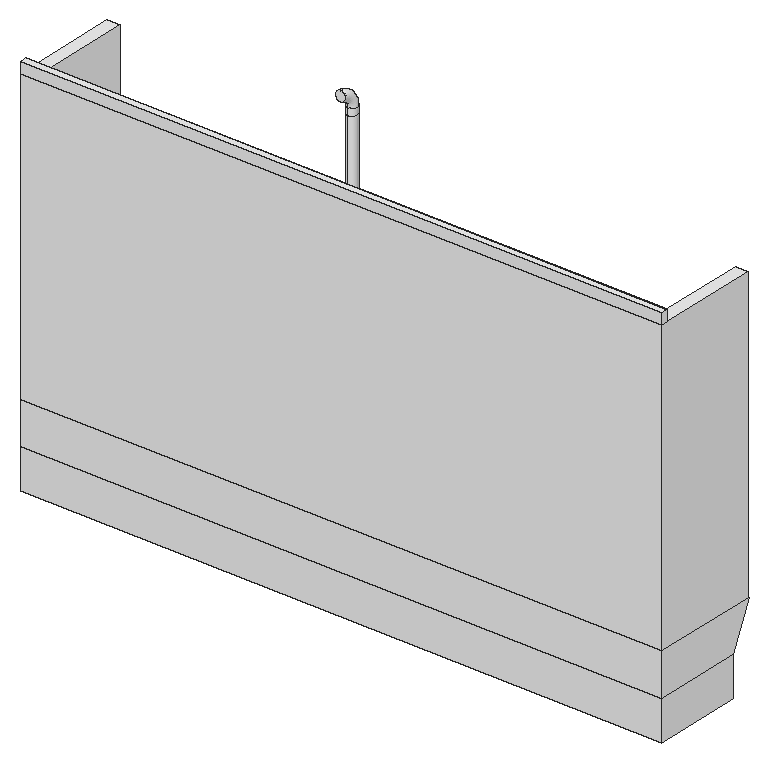
Revit family
Parameters (values of type "1800mm")
  Water Supply tube height = 200 mm
  Tap number = Length / 600 mm  # 3
  Material = Metal - Stainless Steel
  Manufacturer = "Revit"
  Length = 1800 mm
  Assembly Code = ""
Types (2, lengths in mm): name | Tap number | Length
  1200mm | 2 | 1200
  1800mm | 3 | 1800
Reference planes
  plane 1: y = 0
  plane 2 "Center (Left/Right)": x = 125
  plane 3 "Back": y = 75
  plane 4: x = -775
  plane 5: x = 1025
  plane 6: z = 1050
  plane 7: z = 230
  plane 8: z = 110
  plane 9: z = 170
  plane 10: x = 625
  plane 11: x = -375
  plane 12: z = 1250
  plane 13: x = 2073.426
  plane 14: x = -357.946
Forms (mm)
  Extrusion 1, solid, material "Metal - Stainless Steel" <- "Material"
    sketch origin (0, 0, 0) x (1, 0, 0) y (0, 1, 0)
      loop
        line (989.438, 137.925) -> (-739.438, 137.925) -> (-739.438, 380) -> (-775, 380) -> (-775, 75) -> (1025, 75) -> (1025, 380) -> (989.438, 380) -> (989.438, 137.925)
    from 230 to 1050
  Extrusion 2, solid, material "Metal - Stainless Steel" <- "Material"
    sketch origin (0, 0, -1000) x (1, 0, 0) y (0, 1, 0)
      loop
        line (989.438, 137.925) -> (-739.438, 137.925) -> (-739.438, 325.85) -> (-775, 325.85) -> (-775, 75) -> (1025, 75) -> (1025, 325.85) -> (989.438, 325.85) -> (989.438, 137.925)
    from 1000 to 1110
  Blend 3, solid, material "Metal - Stainless Steel" <- "Material"
    base sketch origin (0, 0, 110) x (0, 1, 0) y (-1, 0, 0)
      loop
        line (75, 775) -> (75, -1025) -> (325.85, -1025) -> (325.85, -989.438) -> (137.925, -989.438) -> (137.925, 739.438) -> (325.85, 739.438) -> (325.85, 775) -> (75, 775)
    top sketch origin (0, 0, 110) x (0, 1, 0) y (-1, 0, 0)
      loop
        line (75, 775) -> (75, -1025) -> (380, -1025) -> (380, -989.438) -> (137.925, -989.438) -> (137.925, 739.438) -> (380, 739.438) -> (380, 775) -> (75, 775)
    from 0 to 120
  Extrusion 4, solid, material "Metal - Stainless Steel" <- "Material"
    sketch origin (989.438, 380, 1050) x (0, 0, -1) y (0, -1, 0)
      loop
        line (1050, 54.15) -> (1050, 64.15) -> (937.848, 64.15) -> (817.848, 10) -> (751.32, 10) -> (751.32, 0) -> (820, 0) -> (940, 54.15) -> (1050, 54.15)
    from 0 to 1728.876
  Extrusion 5, solid, material "Metal - Stainless Steel" <- "Material"
    sketch origin (0, 0, 110) x (0, 1, 0) y (1, 0, 0)
      loop
        circle (114.195, 125) r 14
    from -1140 to -940
  Sweep 6, solid, material "Metal - Stainless Steel" <- "Material"
    path origin (125, 0, 0) x (0, 1, 0) y (0, 0, 1)
      loop
        line (114.195, 1250) -> (114.195, 1270)
        arc (114.195, 1270) -> (102.715, 1297.715) -> (75, 1309.195) r 39.195
    profile origin (0, 0, 1260) x (0, -1, 0) y (1, 0, 0)
      loop
        circle (-114.195, 125) r 14
  Blend 7, solid, material "Metal - Stainless Steel" <- "Material"
    base sketch origin (989.438, 380, 1050) x (0, 0, -1) y (0, -1, 0)
      loop
        line (820, 10.971) -> (829.115, 15.084) -> (829.115, 242.075) -> (820, 242.075) -> (820, 10.971)
    top sketch origin (989.438, 380, 1050) x (0, 0, -1) y (0, -1, 0)
      loop
        line (880, 38.046) -> (880, 242.075) -> (870.885, 242.075) -> (870.885, 33.933) -> (880, 38.046)
    from 0 to 1728.876
  Extrusion 8, void
    sketch origin (0, 0, 110) x (1, 0, 0) y (0, 1, 0)
      loop
        circle (-626.574, 242.267) r 46.43
    from 0 to 164.514
  Extrusion 9, solid, material "Metal - Stainless Steel" <- "Material"
    sketch origin (0, 0, 0) x (1, 0, 0) y (0, 1, 0)
      loop
        line (-739.438, 315.85) -> (-739.438, 137.925) -> (989.438, 137.925) -> (989.438, 315.85) -> (-739.438, 315.85)
    from 0 to 18
  Extrusion 10, solid, material "Metal - Stainless Steel" <- "Material"
    sketch origin (989.438, 137.925, 1050) x (0, -1, 0) y (1, 0, 0)
      loop
        line (62.925, -1764.438) -> (62.925, 35.562) -> (42.925, 35.562) -> (42.925, -1764.438) -> (62.925, -1764.438)
    from 29.857 to 0
Cuts and joins
  Extrusion 8 cuts Extrusion 1
  Extrusion 8 cuts Extrusion 5
  Extrusion 8 cuts Blend 7
  Extrusion 8 cuts Blend 3
  Extrusion 8 cuts Extrusion 2
  Extrusion 8 cuts Extrusion 4
  Extrusion 8 cuts Sweep 6
Lines and regions (mm)
  symbolic lines
    curve 1: line (-775, 380, 0) -> (1025, 380, 0)
    curve 2: line (1025, 380, 0) -> (1025, 75, 0)
    curve 3: line (1025, 75, 0) -> (-775, 75, 0)
    curve 4: line (-775, 75, 0) -> (-775, 380, 0)
    curve 5: line (-739.438, 380, 0) -> (-739.438, 137.925, 0)
    curve 6: line (-739.438, 137.925, 0) -> (125, 137.925, 0)
    curve 7: line (125, 137.925, 0) -> (989.438, 137.925, 0)
    curve 8: line (989.438, 137.925, 0) -> (989.438, 380, 0)
    curve 9: line (-739.438, 325.85, 0) -> (989.438, 325.85, 0)
    curve 10: line (-739.438, 296.022, 0) -> (989.438, 296.022, 0)
    curve 11: line (-739.438, 190.134, 0) -> (989.438, 190.134, 0)
    curve 12: line (-739.438, 161.486, 0) -> (989.438, 161.486, 0)
    curve 13: arc (-580.144, 242.267, 0) -> (-626.574, 288.696, 0) -> (-673.004, 242.267, 0) r 46.43
    curve 14: arc (-673.004, 242.267, 0) -> (-626.574, 195.837, 0) -> (-580.144, 242.267, 0) r 46.43
    curve 15: arc (-657.946, 242.267, 0) -> (-626.574, 210.895, 0) -> (-595.203, 242.267, 0) r 31.372
    curve 16: arc (-595.203, 242.267, 0) -> (-626.574, 273.638, 0) -> (-657.946, 242.267, 0) r 31.372
    curve 17: line (-775, 95, 0) -> (1025, 95, 0)
    curve 18: circle (125, 114.901, 0) r 15 normal (0, 0, 1)
Text (mm)
  text "Placement side" at (-1787.139, 592.35, 0), in view "Ref. Level"
  text "Placement side" at (0, 1827.695, 2917.686), in view "Left"
  text "Placement side" at (0, 562.268, 3853.606), in view "Right"
Dimensions and locks
  locked: plane 3 "Back" to host wall at 0
  "Length": plane 4 to plane 5
  equal spacing: plane 4, plane 2 "Center (Left/Right)", plane 5
  locked: plane 10 to plane 5 at 400
  locked: plane 11 to plane 4 at 400
  equal spacing: group 2, group 3, group 1
  equal spacing: group 1, group 3, group 2  (x2)
  "Water Supply tube height": plane 6 to plane 12
  locked: Blend 7 sketch curve to Blend 7 sketch curve at 9.115  (x2)
  plane 4 to curve 14 to curve 16 = 101.996 mm locked, 15.058 mm locked
  locked: curve 4 to curve 5 at 35.562
  locked: curve 8 to curve 2 at 35.562
  aligned and locked: host wall to plane 1
  aligned and locked: Extrusion 1 to plane 6
  aligned and locked: plane 7 to Extrusion 1
  aligned and locked: Extrusion 2 to level
  aligned and locked: Extrusion 2 to plane 8
  aligned and locked: Extrusion 4 to cut or joined group of Extrusion 1, Extrusion 8  (x2)
  aligned and locked: plane 10 to nested 1
  aligned and locked: plane 11 to nested 2
  aligned and locked: plane 6 to Extrusion 5
  aligned and locked: Extrusion 5 to plane 12
  aligned and locked: Sweep 6 sketch curve to Extrusion 5
  aligned and locked: Blend 7 sketch curve to plane 9
  aligned and locked: Blend 7 sketch curve to plane 7
  aligned and locked: Blend 7 sketch curve to cut or joined group of Extrusion 1, Extrusion 8
  aligned and locked: cut or joined group of Extrusion 1, Extrusion 8 to Blend 7 sketch curve
  aligned and locked: Blend 7 to cut or joined group of Extrusion 1, Extrusion 8  (x2)
  aligned and locked: cut or joined group of Extrusion 1, Extrusion 8 to Extrusion 9 sketch curve  (x2)
  aligned and locked: Extrusion 9 sketch curve to cut or joined group of Extrusion 1, Extrusion 8
  aligned: Extrusion 9 to cut or joined group of Extrusion 1, Extrusion 8
  aligned and locked: nested 1 to cut or joined group of Extrusion 1, Extrusion 8
  aligned and locked: curve 4 to plane 4
  aligned and locked: curve 2 to plane 5
  aligned and locked: plane 3 "Back" to cut or joined group of Extrusion 1, Extrusion 8  (x2)
  aligned and locked: cut or joined group of Extrusion 1, Extrusion 8 to Extrusion 10 sketch curve
  aligned and locked: Extrusion 10 sketch curve to cut or joined group of Extrusion 1, Extrusion 8
  aligned and locked: curve 17 to Extrusion 10 sketch curve
  aligned and locked: Extrusion 10 sketch curve to plane 5
  aligned and locked: plane 6 to Extrusion 10
  aligned and locked: nested 2 to cut or joined group of Extrusion 1, Extrusion 8
Automatic sketch dimensions
  Extrusion 1 sketch curve to host wall = 0 mm
  Extrusion 1 sketch curve to plane 4 = 0 mm
  Extrusion 1 sketch curve to plane 5 = 0 mm
  Extrusion 1 sketch curve to plane 4 = 35.562 mm
  plane 5 to Extrusion 1 sketch curve = 35.562 mm
  host wall to Extrusion 1 sketch curve = 62.925 mm
  Extrusion 1 sketch curve to Extrusion 1 sketch curve = 242.075 mm  (x2)
  Extrusion 2 sketch curve to host wall = 0 mm
  Extrusion 2 sketch curve to plane 4 = 0 mm
  Extrusion 2 sketch curve to plane 5 = 0 mm
  Extrusion 2 sketch curve to plane 4 = 35.562 mm
  plane 5 to Extrusion 2 sketch curve = 35.562 mm
  host wall to Extrusion 2 sketch curve = 62.925 mm
  Extrusion 2 sketch curve to Extrusion 2 sketch curve = 187.925 mm  (x2)
  Blend 3 sketch curve to host wall = 0 mm  (x2)
  Blend 3 sketch curve to plane 5 = 0 mm  (x2)
  Blend 3 sketch curve to plane 4 = 0 mm  (x2)
  host wall to Blend 3 sketch curve = 62.925 mm  (x2)
  Blend 3 sketch curve to plane 4 = 35.562 mm  (x2)
  Blend 3 sketch curve to Blend 3 sketch curve = 187.925 mm  (x2)
  plane 5 to Blend 3 sketch curve = 35.562 mm  (x2)
  Blend 3 sketch curve to Blend 3 sketch curve = 242.075 mm  (x2)
  Extrusion 4 sketch curve to plane 7 = 0 mm
  Extrusion 4 sketch curve to plane 8 = 0 mm
  Extrusion 4 sketch curve to level = 0 mm
  Extrusion 4 sketch curve to plane 7 = 2.152 mm
  Extrusion 4 sketch curve to Extrusion 4 sketch curve = 66.528 mm
  Extrusion 4 sketch curve to plane 8 = 2.152 mm
  host wall to Extrusion 4 sketch curve = 305 mm
  Extrusion 4 sketch curve to Extrusion 4 sketch curve = 10 mm  (x2)
  Extrusion 4 sketch curve to Extrusion 4 sketch curve = 44.15 mm
  Extrusion 5 sketch curve to plane 2 "Center (Left/Right)" = 0 mm
  host wall to Extrusion 5 sketch curve = 39.195 mm
  Sweep 6 sketch curve to plane 3 "Back" = 0 mm
  Sweep 6 sketch curve to plane 12 = 0 mm
  Sweep 6 sketch curve to Sweep 6 sketch curve = 39.195 mm
  Sweep 6 sketch curve to plane 12 = 20 mm
  Extrusion 8 sketch curve to plane 4 = 101.996 mm
  Extrusion 8 sketch curve to Extrusion 8 sketch curve = 46.43 mm
  host wall to Extrusion 8 sketch curve = 167.267 mm
  Extrusion 9 sketch curve to Extrusion 9 sketch curve = 177.925 mm
  curve 13 to curve 14 = 0 mm  (x2)
  curve 13 to curve 15 = 0 mm  (x2)
  curve 13 to curve 16 = 0 mm  (x2)
  curve 14 to curve 15 = 0 mm  (x2)
  curve 14 to curve 16 = 0 mm  (x2)
  curve 15 to curve 16 = 0 mm  (x2)
  curve 7 to plane 2 "Center (Left/Right)" = 0 mm
  curve 18 to plane 2 "Center (Left/Right)" = 0 mm
  curve 3 to host wall = 0 mm
  curve 15 to curve 14 = 31.372 mm
  host wall to curve 17 = 20 mm
  host wall to curve 18 = 39.901 mm
  curve 17 to curve 8 = 42.925 mm
  curve 7 to curve 12 = 23.562 mm
  curve 12 to curve 11 = 28.648 mm
  curve 11 to curve 16 = 52.133 mm
  curve 14 to curve 10 = 53.755 mm
  curve 10 to curve 9 = 29.828 mm
  curve 9 to curve 5 = 54.15 mm
  radius of Extrusion 5 sketch curve = 14 mm
  radius of curve 18 = 15 mm
Nested families
  nested 1: "Urinal Tap" at (625, 152.925, 920), type "Urinal Tap"
  nested 2: "Urinal Tap" at (-375, 152.925, 920), type "Urinal Tap"
  nested 3: "Urinal Tap" at (125, 152.925, 920), type "Urinal Tap"
Definition of nested family "Urinal Tap"
  Parameters
    Material = none
  Reference planes
    plane 1 "Center (Front/Back)": y = 0
    plane 2: z = 0
    plane 3 "Center (Left/Right)": x = 0
    plane 4: x = -20
    plane 5: x = 20
    plane 6: x = 0
  Forms (mm)
    Extrusion 1, solid, material <- "Material"
      sketch origin (0, 0, 0) x (1, 0, 0) y (0, 0, 1)
        loop
          circle (0, 0) r 20
      from 0 to 15
  Dimensions and locks
    aligned and locked: plane 6 to plane 3 "Center (Left/Right)"
